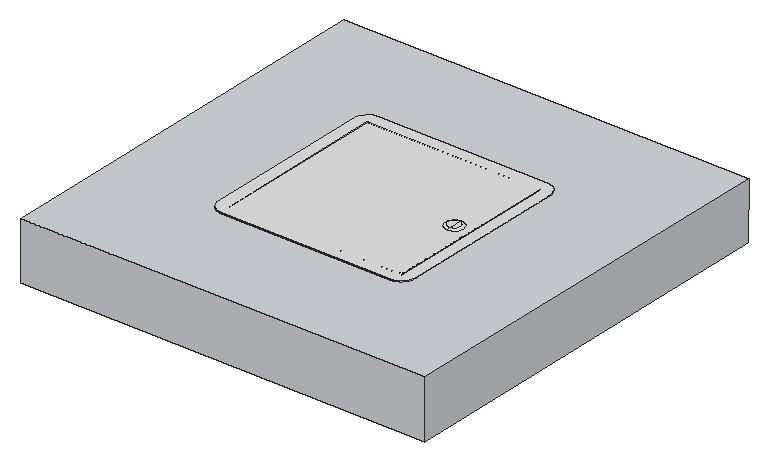
Revit family
Parameters (values of type "WM-CABH021")
  WELSRating_ANZRS = "4 star"
  URL = "www.galvinengineering.com.au"
  Type Comments = "WM-CABH"
  Temperature = 43.5 °C
  StyleOrType_ANZRS = "Plumbing Fixture"
  Seating = ""
  RemovableDoor = not(HingedDoor)  # no
  PlumbingMaterial_ANZRS = Metal_Valves_DR-Brass-Nickel-Plated_10800
  Outlet = "1/2\"BSP male"
  ModifiedIssue_ANZRS = 20120403.01  # constant formula
  Model = "WM-CABH021"
  Manufacturer = "Galvin Engineering"
  Keynote = "10800"
  Instructions = "http://www.galvinengineering.com.au/Installation_Guides_1.aspx"
  Inlet = "1/2\"BSP male"
  HingedDoor = yes
  FlowRate = 0.10 L/s
  FilterObject_ANZRS = "WM-CABH"
  Description = "CliniMix® Cabinet Assembly With Hinged Door 20mm Bottom In & Out"
  Default Elevation = 900.00 mm
  CreatedBy_ANZRS = "Galvin Engineering"
  CreatedByURL_ANZRS = "www.galvinengineering.com.au"
  CreatedByPhoneNo_ANZRS = "61-8-92495900"
  Circulation_ANZRS = yes
  Assembly Code = "D2010"
Types (3, lengths in mm): name | Type Comments | RemovableDoor | Model | HingedDoor | FilterObject_ANZRS | Description
  (no name) | "WM-CABH" | no | "WM-CABH021" | yes | "WM-CABH" | "CliniMix® Cabinet Assembly With Hinged Door 20mm Bottom In & Out"
  WM-CABH021 | "WM-CABH" | no | "WM-CABH021" | yes | "WM-CABH" | "CliniMix® Cabinet Assembly With Hinged Door 20mm Bottom In & Out"
  WM-CABR021 | "WM-CABR" | yes | "WM-CABR021" | no | "WM-CABR" | "CliniMix® Cabinet Assembly With Removable Door 20mm Bottom In & Out"
Reference planes
  plane 1 "Center (Front/Back)": y = 0
  plane 2 "Face": z = 0
  plane 3 "Center (Left/Right)": x = 0
  plane 4 "Left": x = -150
  plane 5 "Right": x = 150
  plane 6 "Top": y = 150
  plane 7 "Bottom": y = -150
  plane 8 "Front": z = 1
Forms (mm)
  Extrusion 1, solid
    sketch origin (0, -719.2, 0) x (1, 0, 0) y (0, 1, 0)
      loop
        line (-350, 1069.2) -> (-350, 369.2) -> (350, 369.2) -> (350, 1069.2) -> (-350, 1069.2)
    from 0 to -100
  Extrusion 2, solid, material "Metal_Valves_DR-Brass-Nickel-Plated_10800" <- "PlumbingMaterial_ANZRS"
    sketch origin (0, 0, -74) x (1, 0, 0) y (0, 1, 0)
      loop
        line (-150, 150) -> (-150, -150) -> (150, -150) -> (150, 150) -> (-150, 150)
      loop
        line (-149, 149) -> (-149, -149) -> (149, -149) -> (149, 149) -> (-149, 149)
    from 0 to 75
  Extrusion 3, solid, material "Metal_Valves_DR-Brass-Nickel-Plated_10800" <- "PlumbingMaterial_ANZRS"
    sketch origin (0, 0, 1) x (-1, 0, 0) y (0, -1, 0)
      loop
        arc (170, 145) -> (162.678, 162.678) -> (145, 170) r 25
        line (145, 170) -> (-145, 170)
        arc (-145, 170) -> (-162.678, 162.678) -> (-170, 145) r 25
        line (-170, 145) -> (-170, -145)
        arc (-170, -145) -> (-162.678, -162.678) -> (-145, -170) r 25
        line (-145, -170) -> (145, -170)
        arc (145, -170) -> (162.678, -162.678) -> (170, -145) r 25
        line (170, -145) -> (170, 145)
    from 0 to -1
  Revolve 4, solid, material "Plastic_Valves_Grey_10800"
    sketch origin (-75, 0, -36.5) x (-1, 0, 0) y (0, -1, 0)
      loop
        line (0, -150) -> (-17.5, -150) -> (-17.5, -151)
        arc (-17.5, -151) -> (-16.914, -152.414) -> (-15.5, -153) r 2
        line (-15.5, -153) -> (0, -153) -> (0, -150)
      axis (0, -153) -> (0, -150)
    angle from 0 to 360
  Revolve 5, solid, material "Metal_Valves_DR-Brass-Nickel-Plated_10800" <- "PlumbingMaterial_ANZRS", detail levels medium+fine
    sketch origin (0, 0, -36.5) x (-1, 0, 0) y (0, -1, 0)
      loop
        line (-150, -115) -> (-150, -110) -> (-165, -110) -> (-165, -111.688) -> (-164.705, -112.5) -> (-164.409, -111.688) -> (-164.114, -112.5) -> (-163.818, -111.688) -> (-163.523, -112.5) -> (-163.227, -111.688) -> (-162.932, -112.5) -> (-162.637, -111.688) -> (-162.341, -112.5) -> (-162.046, -111.688) -> (-161.75, -112.5) -> (-161.455, -111.688) -> (-161.159, -112.5) -> (-160.864, -111.688) -> (-160.569, -112.5) -> (-160.273, -111.688) -> (-159.978, -112.5) -> (-159.682, -111.688) -> (-159.387, -112.5) -> (-159.091, -111.688) -> (-158.796, -112.5) -> (-158.501, -111.688) -> (-158.205, -112.5) -> (-157.91, -111.688) -> (-157.614, -112.5) -> (-156.773, -112.5) -> (-156.773, -114) -> (-151.25, -114) -> (-151.25, -115) -> (-150, -115)
      axis (-150, -110) -> (-165, -110)
    angle from 0 to 360
  Revolve 6, solid, material "Metal_Valves_DR-Brass-Nickel-Plated_10800" <- "PlumbingMaterial_ANZRS", detail levels medium+fine
    sketch origin (0, 0, -36.5) x (-1, 0, 0) y (0, -1, 0)
      loop
        line (-150, 115) -> (-151.25, 115) -> (-151.25, 114) -> (-156.773, 114) -> (-156.773, 112.5) -> (-157.614, 112.5) -> (-157.91, 111.688) -> (-158.205, 112.5) -> (-158.501, 111.688) -> (-158.796, 112.5) -> (-159.091, 111.688) -> (-159.387, 112.5) -> (-159.682, 111.688) -> (-159.978, 112.5) -> (-160.273, 111.688) -> (-160.569, 112.5) -> (-160.864, 111.688) -> (-161.159, 112.5) -> (-161.455, 111.688) -> (-161.75, 112.5) -> (-162.046, 111.688) -> (-162.341, 112.5) -> (-162.637, 111.688) -> (-162.932, 112.5) -> (-163.227, 111.688) -> (-163.523, 112.5) -> (-163.818, 111.688) -> (-164.114, 112.5) -> (-164.409, 111.688) -> (-164.705, 112.5) -> (-165, 111.688) -> (-165, 110) -> (-150, 110) -> (-150, 115)
      axis (-150, 110) -> (-165, 110)
    angle from 0 to 360
  Revolve 7, solid, material "Metal_Valves_DR-Brass-Nickel-Plated_10800" <- "PlumbingMaterial_ANZRS", detail levels medium+fine
    sketch origin (0, 0, -36.5) x (1, 0, 0) y (0, 1, 0)
      loop
        line (-150, 115) -> (-151.25, 115) -> (-151.25, 114) -> (-156.773, 114) -> (-156.773, 112.5) -> (-157.614, 112.5) -> (-157.91, 111.688) -> (-158.205, 112.5) -> (-158.501, 111.688) -> (-158.796, 112.5) -> (-159.091, 111.688) -> (-159.387, 112.5) -> (-159.682, 111.688) -> (-159.978, 112.5) -> (-160.273, 111.688) -> (-160.569, 112.5) -> (-160.864, 111.688) -> (-161.159, 112.5) -> (-161.455, 111.688) -> (-161.75, 112.5) -> (-162.046, 111.688) -> (-162.341, 112.5) -> (-162.637, 111.688) -> (-162.932, 112.5) -> (-163.227, 111.688) -> (-163.523, 112.5) -> (-163.818, 111.688) -> (-164.114, 112.5) -> (-164.409, 111.688) -> (-164.705, 112.5) -> (-165, 111.688) -> (-165, 110) -> (-150, 110) -> (-150, 115)
      axis (-150, 110) -> (-165, 110)
    angle from 0 to 360
  Revolve 8, solid, material "Metal_Valves_DR-Brass-Nickel-Plated_10800" <- "PlumbingMaterial_ANZRS", detail levels medium+fine
    sketch origin (0, 0, -36.5) x (1, 0, 0) y (0, 1, 0)
      loop
        line (-150, -115) -> (-150, -110) -> (-165, -110) -> (-165, -111.688) -> (-164.705, -112.5) -> (-164.409, -111.688) -> (-164.114, -112.5) -> (-163.818, -111.688) -> (-163.523, -112.5) -> (-163.227, -111.688) -> (-162.932, -112.5) -> (-162.637, -111.688) -> (-162.341, -112.5) -> (-162.046, -111.688) -> (-161.75, -112.5) -> (-161.455, -111.688) -> (-161.159, -112.5) -> (-160.864, -111.688) -> (-160.569, -112.5) -> (-160.273, -111.688) -> (-159.978, -112.5) -> (-159.682, -111.688) -> (-159.387, -112.5) -> (-159.091, -111.688) -> (-158.796, -112.5) -> (-158.501, -111.688) -> (-158.205, -112.5) -> (-157.91, -111.688) -> (-157.614, -112.5) -> (-156.773, -112.5) -> (-156.773, -114) -> (-151.25, -114) -> (-151.25, -115) -> (-150, -115)
      axis (-150, -110) -> (-165, -110)
    angle from 0 to 360
  Extrusion 9, solid, material "Metal_Valves_DR-Brass-Nickel-Plated_10800" <- "PlumbingMaterial_ANZRS"
    sketch origin (0, 0, -74) x (1, 0, 0) y (0, 1, 0)
      loop
        line (-150, 150) -> (-150, -150) -> (150, -150) -> (150, 150) -> (-150, 150)
    from 0 to 1
  Revolve 10, solid, material "Plastic_Valves_Grey_10800"
    sketch origin (-75, 0, -36.5) x (-1, 0, 0) y (0, -1, 0)
      loop
        line (0, 150) -> (0, 153) -> (-15.412, 153)
        arc (-15.412, 153) -> (-16.888, 152.388) -> (-17.5, 150.912) r 2.088
        line (-17.5, 150.912) -> (-17.5, 150) -> (0, 150)
      axis (0, 153) -> (0, 150)
    angle from 0 to 360
  Revolve 11, solid, material "Metal_Valves_DR-Brass-Nickel-Plated_10800" <- "PlumbingMaterial_ANZRS", visible <- "HingedDoor", detail levels medium+fine
    sketch origin (121.25, 0, -74) x (0, 1, 0) y (0, 0, 1)
      loop
        line (15, 75) -> (11, 76.5) -> (0, 76.5) -> (0, 75) -> (15, 75)
      axis (0, 75) -> (0, 76.5)
    angle from 0 to 360
  Extrusion 12, solid, material "Metal_Valves_DR-Brass_10800"
    sketch origin (0, -150, -74) x (-1, 0, 0) y (0, 0, -1)
      loop
        circle (75, -37.5) r 10
    from 3 to 150
  Revolve 13, solid, material "Plastic_Valves_Grey_10800"
    sketch origin (0, 0, -36.5) x (-1, 0, 0) y (0, -1, 0)
      loop
        line (0, 150) -> (0, 153) -> (-15.412, 153)
        arc (-15.412, 153) -> (-16.888, 152.388) -> (-17.5, 150.912) r 2.088
        line (-17.5, 150.912) -> (-17.5, 150) -> (0, 150)
      axis (0, 153) -> (0, 150)
    angle from 0 to 360
  Extrusion 14, solid, material "Metal_Valves_DR-Brass_10800"
    sketch origin (75, -150, -74) x (-1, 0, 0) y (0, 0, -1)
      loop
        circle (75, -37.5) r 10
    from 3 to 150
  Revolve 15, solid, material "Plastic_Valves_Grey_10800"
    sketch origin (75, 0, -36.5) x (1, 0, 0) y (0, 1, 0)
      loop
        line (0, -150) -> (-17.5, -150) -> (-17.5, -150.912)
        arc (-17.5, -150.912) -> (-16.888, -152.388) -> (-15.412, -153) r 2.088
        line (-15.412, -153) -> (0, -153) -> (0, -150)
      axis (0, -153) -> (0, -150)
    angle from 0 to 360
  Extrusion 16, solid, material "Metal_Valves_DR-Brass_10800"
    sketch origin (0, -150, -74) x (1, 0, 0) y (0, 0, 1)
      loop
        circle (75, 37.5) r 10
    from 3 to 150
  Revolve 17, solid, material "Plastic_Valves_Grey_10800"
    sketch origin (0, 0, -36.5) x (-1, 0, 0) y (0, -1, 0)
      loop
        line (0, -150) -> (-17.5, -150) -> (-17.5, -151)
        arc (-17.5, -151) -> (-16.914, -152.414) -> (-15.5, -153) r 2
        line (-15.5, -153) -> (0, -153) -> (0, -150)
      axis (0, -153) -> (0, -150)
    angle from 0 to 360
  Revolve 18, solid, material "Plastic_Valves_Grey_10800"
    sketch origin (75, 0, -36.5) x (1, 0, 0) y (0, 1, 0)
      loop
        line (0, 150) -> (0, 153) -> (-15.5, 153)
        arc (-15.5, 153) -> (-16.914, 152.414) -> (-17.5, 151) r 2
        line (-17.5, 151) -> (-17.5, 150) -> (0, 150)
      axis (0, 153) -> (0, 150)
    angle from 0 to 360
  Revolve 19, solid, material "Metal_Valves_DR-Brass-Nickel-Plated_10800" <- "PlumbingMaterial_ANZRS", visible <- "RemovableDoor", detail levels medium+fine
    sketch origin (0, -121.25, -74) x (0, 1, 0) y (0, 0, 1)
      loop
        line (15, 75) -> (11, 76.5) -> (0, 76.5) -> (0, 75) -> (15, 75)
      axis (0, 75) -> (0, 76.5)
    angle from 0 to 360
Lines and regions (mm)
  symbolic lines, style "Taps/Mixers"
    curve 1: line (-170, 145, 75) -> (-170, -145, 75)
    curve 2: arc (-170, -145, 75) -> (-162.678, -162.678, 75) -> (-145, -170, 75) r 25
    curve 3: line (-145, -170, 75) -> (145, -170, 75)
    curve 4: arc (145, -170, 75) -> (162.678, -162.678, 75) -> (170, -145, 75) r 25
    curve 5: line (170, -145, 75) -> (170, 145, 75)
    curve 6: arc (170, 145, 75) -> (162.678, 162.678, 75) -> (145, 170, 75) r 25
    curve 7: line (145, 170, 75) -> (-145, 170, 75)
    curve 8: arc (-145, 170, 75) -> (-162.678, 162.678, 75) -> (-170, 145, 75) r 25
    curve 32: line (-170, 0, 0) -> (170, 0, 0)
    curve 33: line (170, 0, 1) -> (-170, 0, 1)
    curve 34: line (-170, 0, 1) -> (-170, 0, 0)
    curve 35: line (170, 0, 0) -> (170, 0, 1)
    curve 46: line (0, -170, 0) -> (0, 170, 0)
    curve 47: line (0, 170, 1) -> (0, -170, 1)
    curve 50: line (0, -170, 1) -> (0, -170, 0)
    curve 51: line (0, 170, 0) -> (0, 170, 1)
  symbolic lines, style "PlumbingFixturesHiddenLines"
    curve 9: line (-85, -300, 75) -> (-65, -300, 75)
    curve 10: line (-10, -300, 75) -> (10, -300, 75)
    curve 11: line (65, -300, 75) -> (85, -300, 75)
    curve 12: line (-85, -300, 75) -> (-85, -170, 75)
    curve 13: line (-65, -300, 75) -> (-65, -170, 75)
    curve 14: line (-10, -300, 75) -> (-10, -170, 75)
    curve 15: line (10, -300, 75) -> (10, -170, 75)
    curve 16: line (65, -300, 75) -> (65, -170, 75)
    curve 17: line (85, -300, 75) -> (85, -170, 75)
    curve 30: line (-150, 0, 0) -> (-150, 0, -74)
    curve 31: line (150, 0, -74) -> (150, 0, 0)
    curve 36: circle (75, 0, -36.5) r 17.5 normal (0, -1, 0)
    curve 37: circle (-75, 0, -36.5) r 17.5 normal (0, 1, 0)
    curve 38: circle (0, 0, -36.5) r 17.5 normal (0, 1, 0)
    curve 45: line (-150, 0, -74) -> (150, 0, -74)
    curve 48: line (0, -150, 0) -> (0, -150, -74)
    curve 49: line (0, 150, -74) -> (0, 150, 0)
    curve 52: line (0, -151, -18.989) -> (0, -150, -18.989)
    curve 53: line (0, -153, -20.989) -> (0, -153, -52.011)
    curve 54: line (0, -151.29, -53.989) -> (0, -150, -53.989)
    curve 58: arc (0, -153, -20.989) -> (0, -152.414, -19.575) -> (0, -151, -18.989) r 2
    curve 59: arc (0, -153, -52.011) -> (0, -152.513, -53.318) -> (0, -151.29, -53.989) r 2
    curve 60: line (0, 151, -18.989) -> (0, 150, -18.989)
    curve 61: line (0, 153, -20.989) -> (0, 153, -52.011)
    curve 62: line (0, 151.29, -53.989) -> (0, 150, -53.989)
    curve 63: arc (0, 153, -20.989) -> (0, 152.414, -19.575) -> (0, 151, -18.989) r 2
    curve 64: arc (0, 153, -52.011) -> (0, 152.513, -53.318) -> (0, 151.29, -53.989) r 2
    curve 65: line (0, -300, -26.5) -> (0, -300, -46.5)
    curve 66: line (0, -300, -26.5) -> (0, -153, -26.5)
    curve 67: line (0, -300, -46.5) -> (0, -153, -46.5)
    curve 71: line (0, -150, -74) -> (0, 150, -74)
  symbolic lines, style "Taps/Mixers", visible <- "HingedDoor", detail levels medium+fine
    curve 18: circle (121.25, 0, 75) r 15 normal (0, 0, 1)
    curve 19: circle (121.25, 0, 75) r 12 normal (0, 0, 1)
    curve 39: line (132.25, 0, 2.5) -> (110.25, 0, 2.5)
    curve 40: line (110.25, 0, 2.5) -> (106.342, 0, 1)
    curve 41: line (132.25, 0, 2.5) -> (136.158, 0, 1)
    curve 55: line (0, 11, 2.5) -> (0, -11, 2.5)
    curve 56: line (0, -11, 2.5) -> (0, -15, 1)
    curve 57: line (0, 11, 2.5) -> (0, 15, 1)
  symbolic lines, style "Taps/Mixers", visible <- "HingedDoor", detail levels fine
    curve 20: line (111.193, -1, 75) -> (131.193, -1, 75)
    curve 21: line (111.193, 1, 75) -> (111.193, -1, 75)
    curve 22: line (131.193, 1, 75) -> (111.193, 1, 75)
    curve 23: line (131.193, -1, 75) -> (131.193, 1, 75)
  symbolic lines, style "Taps/Mixers", visible <- "RemovableDoor", detail levels medium+fine
    curve 24: circle (0, -121.25, 75) r 15 normal (0, 0, 1)
    curve 25: circle (0, -121.25, 75) r 12 normal (0, 0, 1)
    curve 42: line (11, 0, 2.5) -> (-11, 0, 2.5)
    curve 43: line (-11, 0, 2.5) -> (-14.908, 0, 1)
    curve 44: line (11, 0, 2.5) -> (14.908, 0, 1)
    curve 68: line (0, -110.25, 2.5) -> (0, -132.25, 2.5)
    curve 69: line (0, -132.25, 2.5) -> (0, -136.25, 1)
    curve 70: line (0, -110.25, 2.5) -> (0, -106.25, 1)
  symbolic lines, style "Taps/Mixers", visible <- "RemovableDoor", detail levels fine
    curve 26: line (-10.057, -122.25, 75) -> (9.943, -122.25, 75)
    curve 27: line (-10.057, -120.25, 75) -> (-10.057, -122.25, 75)
    curve 28: line (9.943, -120.25, 75) -> (-10.057, -120.25, 75)
    curve 29: line (9.943, -122.25, 75) -> (9.943, -120.25, 75)
Dimensions and locks
  aligned and locked: plane 2 "Face" to Extrusion 1
  aligned and locked: level to Extrusion 1
  aligned and locked: plane 8 "Front" to Extrusion 2
Connectors
  piping at (-75, -300, -36.5), driven by "FlowRate"
    settings: on Extrusion 12, index 4, connector radius 1/4", flow factor 0, pipe flow 0.10 L/s, pressure drop 0.00 psi, fitting loss kfactor 0, connector angle 0.00°, fixture units 0, flow configuration 1, flow direction 1, fitting loss method 0, system type 19, connector reference index -1, connector utility 0, adjustable connector no, is connector primary yes, fitting loss table "", connector description ""
  piping at (75, -300, -36.5), driven by "FlowRate"
    settings: on Extrusion 16, index 5, connector radius 1/4", flow factor 0, pipe flow 0.10 L/s, pressure drop 0.00 psi, fitting loss kfactor 0, connector angle 0.00°, fixture units 0, flow configuration 1, flow direction 1, fitting loss method 0, system type 20, connector reference index -1, connector utility 0, adjustable connector no, is connector primary no, fitting loss table "", connector description ""
  piping at (0, -300, -36.5), driven by "FlowRate"
    settings: on Extrusion 14, index 6, connector radius 1/4", flow factor 0, pipe flow 0.10 L/s, pressure drop 0.00 psi, fitting loss kfactor 0, connector angle 0.00°, fixture units 0, flow configuration 1, flow direction 2, fitting loss method 0, system type 8, connector reference index -1, connector utility 0, adjustable connector no, is connector primary no, fitting loss table "", connector description ""
